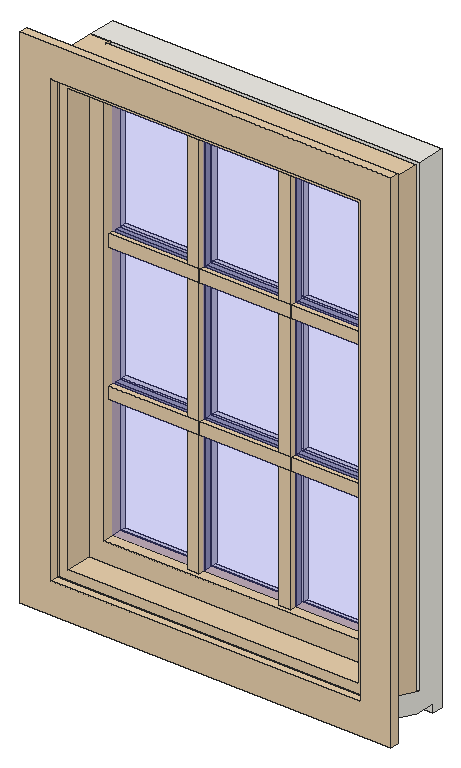
Revit family "Window-Picture-Andersen-400_Series-Tilt_Wash 2", category Windows, host Wall, Revit 2013 (continued)
Dimensions and locks (in)
  aligned and locked: plane 32 "T Xjamb 1" to curve 116
  aligned and locked: plane 30 "T Ext Frame" to Extrusion 9 sketch curve
  aligned and locked: Extrusion 8 sketch curve to plane 30 "T Ext Frame"
  aligned and locked: plane 4 "R Frame" to curve 119
  aligned and locked: plane 5 "L Frame" to curve 119
  aligned and locked: host wall to curve 119
  aligned and locked: plane 68 "Xjamb S1" to curve 113
  aligned and locked: plane 68 "Xjamb S1" to curve 111
  aligned and locked: Masking region 12 sketch curve to host wall
  aligned and locked: Masking region 12 sketch curve to plane 68 "Xjamb S1"
  aligned and locked: plane 68 "Xjamb S1" to curve 115
  aligned and locked: plane 68 "Xjamb S1" to curve 117
  aligned and locked: Masking region 14 sketch curve to host wall
  aligned and locked: Masking region 14 sketch curve to plane 68 "Xjamb S1"
  aligned and locked: host wall to Extrusion 3
  aligned and locked: plane 68 "Xjamb S1" to Extrusion 3
  aligned and locked: plane 44 "B Casing 1" to Masking region 5 sketch curve
  aligned and locked: plane 50 "Frame S1" to Extrusion 5 sketch curve
  aligned and locked: plane 44 "B Casing 1" to Extrusion 5 sketch curve
  aligned and locked: Masking region 6 sketch curve to cut or joined group of Extrusion 5, Sweep 6
  aligned and locked: plane 69 "Sash1 S1" to curve 15
  aligned and locked: curve 11 to plane 69 "Sash1 S1"
  aligned and locked: plane 4 "R Frame" to curve 44
  aligned and locked: plane 51 "Flange" to curve 44
  aligned and locked: plane 5 "L Frame" to curve 149
  aligned and locked: curve 149 to plane 51 "Flange"
  aligned and locked: plane 50 "Frame S1" to curve 14
  aligned and locked: plane 50 "Frame S1" to curve 18
  aligned and locked: Masking region 5 sketch curve to plane 77 "B Sill Drop"
  aligned and locked: Extrusion 11 sketch curve to plane 77 "B Sill Drop"
  aligned and locked: Extrusion 11 sketch curve to plane 50 "Frame S1"
  aligned and locked: plane 70 "Frame S1.1" to Extrusion 11 sketch curve  (x2)
  aligned and locked: Extrusion 11 sketch curve to plane 6 "B Frame"
  aligned and locked: Extrusion 11 sketch curve to curve 176
  aligned and locked: Extrusion 11 sketch curve to curve 173
  aligned and locked: Extrusion 11 sketch curve to curve 89
  aligned and locked: Masking region 4 to Extrusion 11 sketch curve
  aligned and locked: Extrusion 11 to plane 5 "L Frame"
  aligned and locked: plane 4 "R Frame" to Extrusion 11
  aligned and locked: Extrusion 12 sketch curve to plane 42 "B Int Frame"
  aligned and locked: Extrusion 12 sketch curve to plane 58 "Frame S2"  (x2)
  aligned and locked: Extrusion 12 sketch curve to Masking region 4
  aligned and locked: Extrusion 12 to plane 5 "L Frame"
  aligned and locked: plane 4 "R Frame" to Extrusion 12
  aligned and locked: Extrusion 11 sketch curve to plane 7 "T Frame"
  aligned and locked: plane 50 "Frame S1" to Extrusion 11 sketch curve
  aligned and locked: plane 30 "T Ext Frame" to Extrusion 11 sketch curve
  aligned and locked: plane 76 "T Ext Frame1" to Extrusion 11 sketch curve
  aligned and locked: plane 52 "Glass1 S1" to Extrusion 12 sketch curve
  aligned and locked: Extrusion 12 sketch curve to plane 7 "T Frame"
  aligned and locked: plane 31 "T Int Frame" to Extrusion 12 sketch curve
  aligned and locked: plane 57 "Sash2 S2" to Extrusion 12 sketch curve
  aligned and locked: Extrusion 13 sketch curve to plane 4 "R Frame"
  aligned and locked: Extrusion 13 sketch curve to plane 50 "Frame S1"  (x2)
  aligned and locked: plane 73 "R Ext Frame2" to Extrusion 13 sketch curve
  aligned and locked: Extrusion 11 to Extrusion 13 sketch curve  (x2)
  aligned and locked: Extrusion 13 sketch curve to plane 71 "Frame S1.2"  (x2)
  aligned and locked: plane 19 "R Ext Frame" to Extrusion 13 sketch curve
  aligned and locked: Extrusion 13 sketch curve to plane 75 "L Ext Frame2"
  aligned and locked: plane 5 "L Frame" to Extrusion 13 sketch curve
  aligned and locked: Extrusion 13 sketch curve to plane 9 "L Ext Frame"
  aligned and locked: Extrusion 13 to plane 7 "T Frame"
  aligned and locked: plane 69 "Sash1 S1" to Extrusion 13 sketch curve  (x2)
  aligned and locked: Extrusion 11 sketch curve to plane 69 "Sash1 S1"
  aligned and locked: plane 74 "L Ext Frame1" to Extrusion 9 sketch curve
  aligned and locked: Extrusion 9 sketch curve to plane 72 "R Ext Frame1"
  aligned and locked: Extrusion 14 sketch curve to plane 4 "R Frame"
  aligned and locked: plane 58 "Frame S2" to Extrusion 14 sketch curve  (x2)
  aligned and locked: plane 20 "R Int Frame" to Extrusion 14 sketch curve
  aligned and locked: Extrusion 14 sketch curve to plane 10 "L Int Frame"
  aligned and locked: plane 5 "L Frame" to Extrusion 14 sketch curve
  aligned and locked: Extrusion 14 sketch curve to plane 52 "Glass1 S1"
  aligned and locked: Extrusion 14 to plane 7 "T Frame"
  aligned and locked: plane 72 "R Ext Frame1" to Extrusion 8 sketch curve
  aligned and locked: Extrusion 8 sketch curve to plane 74 "L Ext Frame1"
  aligned and locked: Extrusion 15 sketch curve to plane 4 "R Frame"
  aligned and locked: plane 7 "T Frame" to Extrusion 15 sketch curve
  aligned and locked: plane 5 "L Frame" to Extrusion 15 sketch curve
  aligned and locked: Extrusion 15 sketch curve to plane 9 "L Ext Frame"
  aligned and locked: Extrusion 15 sketch curve to plane 76 "T Ext Frame1"
  aligned and locked: plane 19 "R Ext Frame" to Extrusion 15 sketch curve
  aligned and locked: Extrusion 15 to plane 52 "Glass1 S1"
  aligned and locked: plane 50 "Frame S1" to Extrusion 15
  aligned and locked: curve 5 to plane 49 "Casing S2"
  aligned and locked: plane 48 "Casing S1" to curve 42
  aligned and locked: plane 48 "Casing S1" to curve 43
  aligned and locked: Extrusion 9 sketch curve to plane 41 "B Ext Frame"
  aligned and locked: Extrusion 9 sketch curve to plane 40 "B Glazing"
  aligned and locked: plane 41 "B Ext Frame" to Extrusion 8 sketch curve
  aligned and locked: plane 40 "B Glazing" to Extrusion 8 sketch curve
  aligned and locked: Extrusion 10 sketch curve to plane 40 "B Glazing"
  aligned and locked: plane 6 "B Frame" to cut or joined group of Extrusion 11, Extrusion 13
  aligned and locked: plane 56 "Sash1 S2" to Extrusion 11 sketch curve
  aligned and locked: Extrusion 14 sketch curve to plane 69 "Sash1 S1"
  aligned and locked: Extrusion 5 sketch curve to plane 77 "B Sill Drop"
  aligned and locked: Extrusion 7 sketch curve to plane 77 "B Sill Drop"
  aligned and locked: Extrusion 15 sketch curve to plane 77 "B Sill Drop"
  aligned and locked: plane 41 "B Ext Frame" to Extrusion 15 sketch curve
  aligned and locked: plane 30 "T Ext Frame" to Extrusion 12 sketch curve
  aligned and locked: plane 76 "T Ext Frame1" to curve 30
  aligned and locked: curve 36 to plane 40 "B Glazing"
  aligned and locked: plane 69 "Sash1 S1" to Extrusion 9
  aligned and locked: plane 37 "T Casing 3" to curve 23
  aligned and locked: plane 48 "Casing S1" to curve 23
  aligned and locked: plane 36 "T Casing 2" to curve 23
  aligned and locked: plane 49 "Casing S2" to curve 23
  aligned and locked: plane 41 "B Ext Frame" to cut or joined group of Extrusion 12, Extrusion 14
Automatic sketch dimensions
  curve 44 to curve 44 = 0' - 1 1/2"  (x2)
  curve 45 to curve 45 = 0' - 1 1/2"
  curve 47 to curve 47 = 0' - 1 1/2"
  curve 46 to curve 46 = 0' - 1 1/2"
  curve 48 to curve 48 = 0' - 1 1/2"
  curve 121 to curve 122 = 0' - 0.8729"  (x2)
  curve 127 to curve 53 = 0' - 0.36981"
  curve 52 to curve 52 = 0' - 0.825"
  curve 51 to curve 49 = 0' - 0.98312"
  curve 120 to curve 120 = 0' - 0 13/16"  (x2)
  curve 53 to curve 56 = 0' - 0.18731"
  curve 55 to curve 50 = 0' - 0.12584"  (x2)
  curve 128 to curve 128 = 0' - 0.43585"  (x2)
  curve 120 to curve 122 = 0' - 0.27468"
  curve 121 to curve 128 = 0' - 4.78922"
  curve 122 to curve 123 = 0' - 0.77274"
  curve 122 to curve 124 = 0' - 0 15/32"  (x2)
  curve 126 to curve 125 = 0' - 0.358"
  curve 125 to curve 51 = 0' - 1.30793"
  curve 127 to curve 127 = 0' - 0.36981"
  curve 51 to curve 50 = 0' - 0.8895"
  curve 56 to curve 50 = 0' - 0.18731"
  curve 56 to curve 54 = 0' - 0 1/8"  (x2)
  curve 130 to curve 130 = 0' - 1 1/2"
  curve 149 to curve 149 = 0' - 1 1/2"
  Masking region 8 sketch curve to plane 77 "B Sill Drop" = 0' - 0"
  curve 69 to curve 168 = 0' - 0 7/32"
  curve 68 to curve 179 = 0' - 1.16399"
  curve 178 to curve 179 = 0' - 0.08601"
  curve 179 to curve 61 = 0' - 0 1/4"
  curve 179 to curve 59 = 0' - 0.969"
  curve 60 to curve 57 = 0' - 0.825"
  curve 57 to curve 66 = 0' - 0.29799"
  curve 65 to curve 64 = 0' - 1.22051"
  curve 69 to curve 69 = 0' - 0 9/32"  (x2)
  curve 179 to curve 180 = 0' - 0.24542"
  curve 84 to curve 58 = 0' - 0.7"
  curve 84 to curve 83 = 0' - 0.575"
  curve 63 to curve 63 = 0' - 0 13/16"
  curve 60 to curve 57 = 0' - 0"
  curve 57 to curve 66 = 0' - 0.202"
  curve 60 to curve 62 = 0' - 0.202"
  curve 61 to curve 179 = 0' - 0.67051"
  curve 180 to curve 60 = 0' - 0.00249"
  curve 179 to curve 168 = 0' - 0.23574"
  curve 58 to curve 64 = 0' - 0.327"
  curve 179 to curve 178 = 0' - 0 1/2"
  curve 64 to curve 63 = 0' - 0 5/16"
  curve 65 to curve 67 = 0' - 0 9/16"
  curve 57 to curve 84 = 0' - 0.0145"
  curve 83 to curve 84 = 0' - 0"
  curve 84 to curve 85 = 0' - 0 1/8"
  curve 82 to curve 169 = 0' - 0 7/32"
  curve 81 to curve 182 = 0' - 1.16399"
  curve 181 to curve 182 = 0' - 0.08601"
  curve 182 to curve 74 = 0' - 0 1/4"
  curve 182 to curve 72 = 0' - 0.969"
  curve 73 to curve 70 = 0' - 0.825"
  curve 70 to curve 79 = 0' - 0.29799"
  curve 78 to curve 77 = 0' - 1.22051"
  curve 82 to curve 82 = 0' - 0 9/32"  (x2)
  curve 182 to curve 183 = 0' - 0.24542"
  curve 87 to curve 71 = 0' - 0.7"
  curve 87 to curve 86 = 0' - 0.575"
  curve 76 to curve 76 = 0' - 0 13/16"
  curve 73 to curve 70 = 0' - 0"
  curve 70 to curve 79 = 0' - 0.202"
  curve 73 to curve 75 = 0' - 0.202"
  curve 74 to curve 182 = 0' - 0.67051"
  curve 183 to curve 73 = 0' - 0.00249"
  curve 182 to curve 169 = 0' - 0.23574"
  curve 71 to curve 77 = 0' - 0.327"
  curve 182 to curve 181 = 0' - 0 1/2"
  curve 77 to curve 76 = 0' - 0 5/16"
  curve 78 to curve 80 = 0' - 0 9/16"
  curve 70 to curve 87 = 0' - 0.0145"
  curve 86 to curve 87 = 0' - 0"
  curve 87 to curve 88 = 0' - 0 1/8"
  host wall to curve 20 = 0' - 0"
  plane 77 "B Sill Drop" to Masking region 4 sketch curve = 0' - 0"
  plane 52 "Glass1 S1" to Masking region 4 sketch curve = 0' - 0.0989"
  Masking region 4 sketch curve to plane 46 "B Int Casing" = 0' - 0.80279"
  Masking region 4 sketch curve to plane 70 "Frame S1.1" = 0' - 0 5/32"
  Extrusion 12 sketch curve to plane 46 "B Int Casing" = 0' - 0.25911"
  Extrusion 13 sketch curve to plane 72 "R Ext Frame1" = 0' - 0"
  Extrusion 13 sketch curve to plane 74 "L Ext Frame1" = 0' - 0"
  plane 20 "R Int Frame" to Extrusion 13 sketch curve = 0' - 0.25657"
  Extrusion 13 sketch curve to plane 10 "L Int Frame" = 0' - 0.25657"
  curve 121 to curve 124 = 0' - 0 13/16"
  curve 122 to curve 125 = 0' - 0.40801"
  curve 126 to curve 52 = 0' - 0.29799"
  curve 53 to curve 50 = 0' - 0.825"
  curve 50 to curve 49 = 0' - 0.719"
  curve 193 to curve 192 = 0' - 1 1/2"
  curve 129 to curve 128 = 0' - 0.21984"
  curve 53 to curve 54 = 0' - 0 1/8"
  curve 55 to curve 51 = 0' - 0 1/8"
  curve 128 to curve 128 = 0' - 0.28016"
  curve 123 to curve 121 = 0' - 0 1/16"
  curve 120 to curve 121 = 0' - 0.27468"
  curve 49 to curve 129 = 0' - 0 19/32"
  curve 123 to curve 124 = 0' - 0 21/32"
  curve 122 to curve 52 = 0' - 0 5/32"
  curve 129 to curve 193 = 0' - 0 1/4"
  curve 193 to curve 50 = 0' - 0.63925"
  curve 126 to curve 53 = 0' - 0.577"
  curve 49 to curve 50 = 0' - 0.219"
  curve 128 to curve 128 = 0' - 0.33388"
  curve 126 to curve 127 = 0' - 0.358"
  curve 56 to curve 53 = 0' - 0.1395"
  curve 56 to curve 55 = 0' - 0 1/8"
  curve 140 to curve 143 = 0' - 0 13/16"
  curve 141 to curve 144 = 0' - 0.40801"
  curve 145 to curve 134 = 0' - 0.29799"
  curve 135 to curve 132 = 0' - 0.825"
  curve 132 to curve 131 = 0' - 0.719"
  curve 195 to curve 194 = 0' - 1 1/2"
  curve 148 to curve 147 = 0' - 0.21984"
  curve 139 to curve 139 = 0' - 0 13/16"
  curve 135 to curve 136 = 0' - 0 1/8"
  curve 137 to curve 133 = 0' - 0 1/8"
  curve 147 to curve 147 = 0' - 0.28016"
  curve 142 to curve 140 = 0' - 0 1/16"
  curve 139 to curve 140 = 0' - 0.27468"
  curve 131 to curve 148 = 0' - 0 19/32"
  curve 142 to curve 143 = 0' - 0 21/32"
  curve 141 to curve 134 = 0' - 0 5/32"
  curve 148 to curve 195 = 0' - 0 1/4"
  curve 141 to curve 143 = 0' - 0 15/32"
  curve 195 to curve 132 = 0' - 0.63925"
  curve 145 to curve 135 = 0' - 0.577"
  curve 131 to curve 132 = 0' - 0.219"
  curve 147 to curve 147 = 0' - 0.33388"
  curve 145 to curve 146 = 0' - 0.358"
  curve 138 to curve 135 = 0' - 0.1395"
  curve 138 to curve 137 = 0' - 0 1/8"
  curve 138 to curve 136 = 0' - 0 1/8"
  curve 162 to curve 159 = 0' - 0 13/16"
  curve 163 to curve 160 = 0' - 0.40801"
  curve 153 to curve 164 = 0' - 0.29799"
  curve 151 to curve 154 = 0' - 0.825"
  curve 150 to curve 151 = 0' - 0.719"
  curve 196 to curve 197 = 0' - 1 1/2"
  curve 166 to curve 167 = 0' - 0.21984"
  curve 158 to curve 158 = 0' - 0 13/16"
  curve 155 to curve 154 = 0' - 0 1/8"
  curve 152 to curve 156 = 0' - 0 1/8"
  curve 166 to curve 166 = 0' - 0.28016"
  curve 161 to curve 159 = 0' - 0 1/16"
  curve 158 to curve 159 = 0' - 0.27468"
  curve 150 to curve 167 = 0' - 0 19/32"
  curve 161 to curve 162 = 0' - 0 21/32"
  curve 160 to curve 153 = 0' - 0 5/32"
  curve 167 to curve 197 = 0' - 0 1/4"
  curve 160 to curve 162 = 0' - 0 15/32"
  curve 197 to curve 151 = 0' - 0.63925"
  curve 164 to curve 154 = 0' - 0.577"
  curve 150 to curve 151 = 0' - 0.219"
  curve 166 to curve 166 = 0' - 0.33388"
  curve 164 to curve 165 = 0' - 0.358"
  curve 157 to curve 154 = 0' - 0.1395"
  curve 157 to curve 156 = 0' - 0 1/8"
  curve 157 to curve 155 = 0' - 0 1/8"
  curve 91 to curve 90 = 0' - 0 5/16"
  curve 90 to curve 184 = 0' - 1 9/64"
  curve 184 to curve 187 = 0' - 0 1/8"
  curve 185 to curve 92 = 0' - 0.23205"
  curve 187 to curve 93 = 0' - 0.72095"
  curve 93 to curve 94 = 0' - 0.82454"
  curve 95 to curve 96 = 0' - 0.29846"
  curve 170 to curve 173 = 0' - 1.22086"
  curve 91 to curve 91 = 0' - 0 3/16"  (x2)
  curve 92 to curve 106 = 0' - 0.12536"
  curve 107 to curve 95 = 0' - 0.12418"
  curve 173 to curve 89 = 0' - 0 13/32"
  curve 89 to curve 90 = 0' - 1.19327"
  curve 89 to curve 172 = 0' - 0.78173"
  curve 172 to curve 185 = 0' - 0.1295"
  curve 184 to curve 185 = 0' - 0 1/2"
  curve 187 to curve 93 = 0' - 0.14025"
  curve 187 to curve 92 = 0' - 0.62726"
  curve 94 to curve 96 = 0' - 0.49389"
  curve 96 to curve 96 = 0' - 0.19984"
  curve 93 to curve 93 = 0' - 0.69373"
  curve 176 to curve 173 = 0' - 0.2125"
  curve 107 to curve 92 = 0' - 0.15099"
  curve 107 to curve 105 = 0' - 0 1/8"
  curve 107 to curve 106 = 0' - 0 1/8"
  curve 173 to curve 176 = 0' - 0 13/16"
  curve 99 to curve 98 = 0' - 0 5/16"
  curve 98 to curve 188 = 0' - 1 9/64"
  curve 188 to curve 191 = 0' - 0 1/8"
  curve 189 to curve 100 = 0' - 0.23205"
  curve 191 to curve 101 = 0' - 0.72095"
  curve 101 to curve 102 = 0' - 0.82454"
  curve 103 to curve 104 = 0' - 0.29846"
  curve 171 to curve 175 = 0' - 1.22086"
  curve 99 to curve 99 = 0' - 0 3/16"  (x2)
  curve 100 to curve 109 = 0' - 0.12536"
  curve 110 to curve 103 = 0' - 0.12418"
  curve 175 to curve 97 = 0' - 0 13/32"
  curve 97 to curve 98 = 0' - 1.19327"
  curve 97 to curve 174 = 0' - 0.78173"
  curve 174 to curve 189 = 0' - 0.1295"
  curve 188 to curve 189 = 0' - 0 1/2"
  curve 191 to curve 101 = 0' - 0.14025"
  curve 191 to curve 100 = 0' - 0.62726"
  curve 102 to curve 104 = 0' - 0.49389"
  curve 104 to curve 104 = 0' - 0.19984"
  curve 101 to curve 101 = 0' - 0.69373"
  curve 177 to curve 175 = 0' - 0.2125"
  curve 110 to curve 100 = 0' - 0.15099"
  curve 110 to curve 108 = 0' - 0 1/8"
  curve 110 to curve 109 = 0' - 0 1/8"
  curve 175 to curve 177 = 0' - 0 13/16"
  plane 40 "B Glazing" to curve 26 = 0' - 0"
  plane 40 "B Glazing" to curve 27 = 0' - 0"
  plane 40 "B Glazing" to curve 29 = 0' - 0"
  plane 40 "B Glazing" to curve 28 = 0' - 0"
Nested families (in)
  nested 1: "Andersen Grille Bar" at (0, 0.6065, 65.53125) x (-1, 0, 0) z (0, 1, 0), Center Line <- "Bar Center Line", Bar Length <- "TS V Bar Length", Bar Width <- "Grille Bar Size", visible <- "TS S V", type "Andersen Grille Bar"
    with Glass / 2 0' - 0 7/32", Glass 0' - 0 13/16", Center Line Length 2' - 5 1/16", Center Line 2, Bar Width 0' - 0 7/8", Bar Length 2' - 5 1/16"
  nested 2: "Andersen Grille Bar" at (0, 0.6065, 65.53125) x (0, 0, -1) z (0, 1, 0), Bar Length <- "H DLO", visible <- "TS S H", Bar Width <- "Grille Bar Size", type "Andersen Grille Bar"
    with Glass / 2 0' - 0 7/32", Glass 0' - 0 13/16", Center Line Length 1' - 7 1/8", Center Line 2, Bar Width 0' - 0 7/8", Bar Length 1' - 7 1/8"
  nested 3: "Andersen Grille Bar" at (3.33333, 0.6065, 65.53125) x (-1, 0, 0) z (0, 1, 0), Center Line <- "Bar Center Line", Bar Length <- "TS V Bar Length", Bar Width <- "Grille Bar Size", visible <- "TS M V", type "Andersen Grille Bar"
    with Glass / 2 0' - 0 7/32", Glass 0' - 0 13/16", Center Line Length 2' - 5 1/16", Center Line 2, Bar Width 0' - 0 7/8", Bar Length 2' - 5 1/16"
  nested 4: "Andersen Grille Bar" at (0, 0.6065, 60.54167) x (0, 0, -1) z (0, 1, 0), Center Line <- "Bar Center Line", Bar Length <- "H DLO", visible <- "TS M H", Bar Width <- "Grille Bar Size", type "Andersen Grille Bar"
    with Glass / 2 0' - 0 7/32", Glass 0' - 0 13/16", Center Line Length 1' - 7 1/8", Center Line 2, Bar Width 0' - 0 7/8", Bar Length 1' - 7 1/8"
  nested 5: "Andersen Grille Bar" at (-3.33333, 0.6065, 65.53125) x (-1, 0, 0) z (0, 1, 0), Center Line <- "Bar Center Line", Bar Length <- "TS V Bar Length", Bar Width <- "Grille Bar Size", visible <- "TS M V", type "Andersen Grille Bar"
    with Glass / 2 0' - 0 7/32", Glass 0' - 0 13/16", Center Line Length 2' - 5 1/16", Center Line 2, Bar Width 0' - 0 7/8", Bar Length 2' - 5 1/16"
  nested 6: "Andersen Grille Bar" at (0, 0.6065, 70.52083) x (0, 0, -1) z (0, 1, 0), Center Line <- "Bar Center Line", Bar Length <- "H DLO", visible <- "TS M H", Bar Width <- "Grille Bar Size", type "Andersen Grille Bar"
    with Glass / 2 0' - 0 7/32", Glass 0' - 0 13/16", Center Line Length 1' - 7 1/8", Center Line 2, Bar Width 0' - 0 7/8", Bar Length 1' - 7 1/8"
  nested 7: "Andersen Grille Bar" at (0, 0.6065, 65.53125) x (0, 0, -1) z (0, 1, 0), Bar Length <- "H DLO", visible <- "TS S H Craftsman", Bar Width <- "Grille Bar Size", type "Andersen Grille Bar"
    with Glass / 2 0' - 0 7/32", Glass 0' - 0 13/16", Center Line Length 1' - 7 1/8", Center Line 2, Bar Width 0' - 0 7/8", Bar Length 1' - 7 1/8"
Definition of nested family "Andersen Grille Bar"
  Parameters (values of type "Andersen Grille Bar")
    Interior Bar Visibility = yes
    Interior Bar Material = none
    Glass / 2 [instance] = (Glass / 2) - 0' 0 3/16"  # 0' - 0 7/32"
    Glass [instance] = 0' - 0 13/16"
    Exterior Bar Visibility = yes
    Exterior Bar Finish = none
    Default Elevation = 4' - 0"
    Center Line Length [instance] = if(Center Line = 1, Bar Length + (Bar Width / 2), Bar Length)  # 0' - 4 7/16"
    Center Line [instance] = 1
    Between Glass Bar Visibility = yes
    Between Glass Bar Finish = none
    Bar Width [instance] = 0' - 0 7/8"
    Bar Length [instance] = 0' - 4"
  Reference planes (in)
    plane 1 "Center (Front/Back)": y = 0
    plane 2 "a": z = 0
    plane 3 "Center (Left/Right)": x = 0
    plane 4 "1": x = -0.4375
    plane 5 "2": x = 0.4375
    plane 6: y = 2
    plane 7: y = -2
    plane 8 "b": z = -0.8125
    plane 9: z = -0.21875
    plane 10: y = -2.4375
    plane 11 "a1": z = 12
    plane 12 "a2": z = -12
  Forms (in)
    Extrusion 1, solid
      sketch origin (0, 0, 0) x (1, 0, 0) y (0, 1, 0)
        loop
          line (-48, 48) -> (-48, -48) -> (48, -48) -> (48, 48) -> (-48, 48)
      from 0 to -12
    Extrusion 2, solid, material <- "Exterior Bar Finish", visible <- "Exterior Bar Visibility", detail levels fine
      sketch origin (0, 0, 0) x (1, 0, 0) y (0, 1, 0)
        loop
          line (-0.4375, 2) -> (-0.4375, -2) -> (0.4375, -2) -> (0.4375, 2) -> (-0.4375, 2)
      from 0 to 0.375
    Extrusion 3, solid, material <- "Between Glass Bar Finish", visible <- "Between Glass Bar Visibility", detail levels fine
      sketch origin (0, 0, 0) x (1, 0, 0) y (0, 1, 0)
        loop
          line (-0.4375, 2) -> (-0.4375, -2) -> (0.4375, -2) -> (0.4375, 2) -> (-0.4375, 2)
      from -0.59375 to -0.21875
    Extrusion 4, solid, material <- "Interior Bar Material", visible <- "Interior Bar Visibility", detail levels fine
      sketch origin (0, 0, 0) x (1, 0, 0) y (0, 1, 0)
        loop
          line (-0.4375, 2) -> (-0.4375, -2) -> (0.4375, -2) -> (0.4375, 2) -> (-0.4375, 2)
      from -1.1875 to -0.8125
  Lines and regions (in)
    model lines, style "GenericModel", detail levels coarse+medium
      curve 1: line (0, 2, 0) -> (0, -2.4375, 0)
    symbolic lines, style "GenericModel", detail levels coarse+medium
      curve 2: line (0, 2, 12) -> (0, -2.4375, 12)
      curve 3: line (0, 2, -12) -> (0, -2.4375, -12)
    model lines, style "InvisibleLines", not visible, detail levels coarse
      curve 4: line (0, 0, 12) -> (0, 0, -12)
    symbolic lines, detail levels fine
      curve 5: line (-0.4375, 2, 0) -> (-0.4375, -2, 0)
      curve 6: line (0.4375, 2, 0) -> (0.4375, -2, 0)
  Dimensions and locks (in)
    "Glass": plane 2 "a" to plane 8 "b"
    "Glass / 2": plane 2 "a" to plane 9
    locked: Extrusion 2 to Extrusion 2 at 0.375
    locked: plane 9 to Extrusion 3 at 0.375
    locked: plane 8 "b" to Extrusion 4 at 0.375
    equal spacing: plane 4 "1", plane 3 "Center (Left/Right)", plane 5 "2"
    equal spacing: plane 6, plane 1 "Center (Front/Back)", plane 7
    "Bar Width": plane 4 "1" to plane 5 "2"
    "Bar Length": plane 6 to plane 7
    "Center Line Length": plane 6 to plane 10
    locked: plane 11 "a1" to plane 2 "a" at 12
    locked: plane 2 "a" to plane 12 "a2" at 12
    aligned and locked: plane 2 "a" to Extrusion 1
    aligned and locked: level to Extrusion 1
    aligned and locked: Extrusion 2 to plane 2 "a"
    aligned and locked: Extrusion 2 to plane 4 "1"
    aligned and locked: plane 5 "2" to Extrusion 2
    aligned and locked: plane 6 to Extrusion 2
    aligned and locked: Extrusion 2 to plane 7
    aligned and locked: plane 9 to Extrusion 3
    aligned and locked: Extrusion 3 to plane 4 "1"
    aligned and locked: plane 5 "2" to Extrusion 3
    aligned and locked: plane 6 to Extrusion 3
    aligned and locked: Extrusion 3 to plane 7
    aligned and locked: plane 8 "b" to Extrusion 4
    aligned and locked: Extrusion 4 to plane 4 "1"
    aligned and locked: plane 5 "2" to Extrusion 4
    aligned and locked: plane 6 to Extrusion 4
    aligned and locked: Extrusion 4 to plane 7
    aligned and locked: plane 6 to curve 1
    aligned and locked: plane 10 to curve 1
    aligned and locked: curve 1 to plane 3 "Center (Left/Right)"
    aligned and locked: plane 6 to curve 2
    aligned and locked: plane 10 to curve 2
    aligned and locked: curve 2 to plane 3 "Center (Left/Right)"
    aligned and locked: plane 6 to curve 3
    aligned and locked: plane 10 to curve 3
    aligned and locked: curve 3 to plane 3 "Center (Left/Right)"
    aligned and locked: plane 11 "a1" to curve 4
    aligned and locked: plane 12 "a2" to curve 4
    aligned and locked: curve 4 to plane 1 "Center (Front/Back)"
    aligned and locked: plane 6 to curve 5
    aligned and locked: plane 6 to curve 6
    aligned and locked: plane 7 to curve 6
    aligned and locked: plane 7 to curve 5
    aligned and locked: curve 5 to plane 4 "1"
    aligned and locked: curve 6 to plane 5 "2"
  Automatic sketch dimensions
    Extrusion 1 sketch curve to Extrusion 1 sketch curve = 8' - 0"  (x2)
    plane 7 to Extrusion 2 sketch curve = 0' - 0"
    Extrusion 2 sketch curve to plane 5 "2" = 0' - 0 7/8"
    Extrusion 2 sketch curve to plane 6 = 0' - 0"
    Extrusion 2 sketch curve to Extrusion 2 sketch curve = 0' - 0 7/8"
    plane 7 to Extrusion 3 sketch curve = 0' - 0"
    Extrusion 3 sketch curve to plane 5 "2" = 0' - 0 7/8"
    Extrusion 3 sketch curve to plane 6 = 0' - 0"
    Extrusion 3 sketch curve to Extrusion 3 sketch curve = 0' - 0 7/8"
    Extrusion 4 sketch curve to plane 7 = 0' - 0"
    Extrusion 4 sketch curve to plane 5 "2" = 0' - 0 7/8"
    Extrusion 4 sketch curve to plane 6 = 0' - 0"
    Extrusion 4 sketch curve to Extrusion 4 sketch curve = 0' - 0 7/8"
